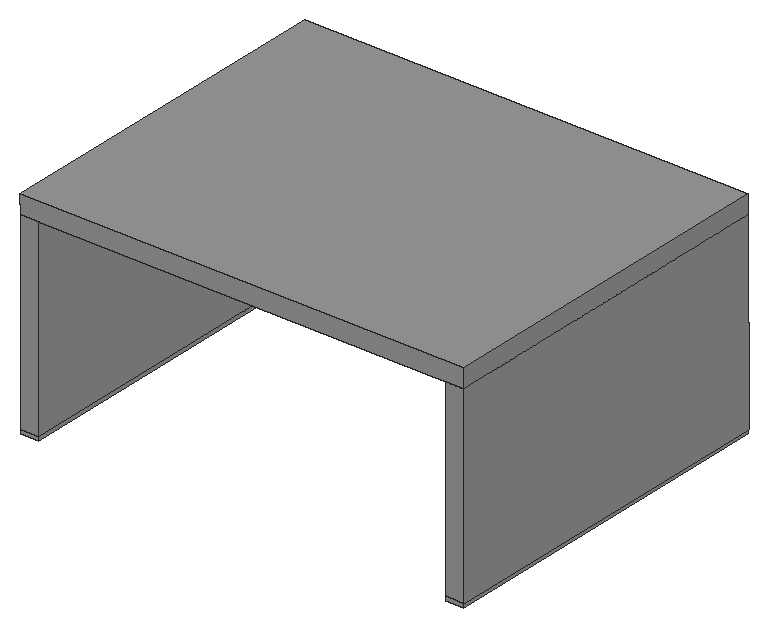
Revit family "Cocoon Community Table 48x60x29", category Generic Models, Revit 2018
Family settings
  Can host rebar = No
  Round Connector Dimension = Use Diameter
  Part Type = Normal
  Work Plane-Based = No
  Always vertical = Yes
  Cut with Voids When Loaded = No
  Shared = No
  Room Calculation Point = No
Parameters
  Frame = Cocoon Community Table 48x60x29 Frame
  Surface = Cocoon Community Table 48x60x29 Surface
Reference planes (in)
  plane 1 "Center (Front/Back)": y = 0
  plane 2: z = 0
  plane 3 "Center (Left/Right)": x = 0
Forms (in)
  Extrusion 1, solid, material "Cocoon Community Table 48x60x29 Frame" <- "Frame"
    sketch origin (0, 0, 0) x (1, 0, 0) y (0, 0, 1)
      loop
        line (-30, 0.5) -> (-30, 0) -> (-27.5, 0) -> (-27.5, 0.5) -> (-30, 0.5)
      loop
        line (30, 0.5) -> (27.5, 0.5) -> (27.5, 0) -> (30, 0) -> (30, 0.5)
    from -24 to 24
  Extrusion 2, solid, material "Cocoon Community Table 48x60x29 Surface" <- "Surface"
    sketch origin (0, 0, 0) x (1, 0, 0) y (0, 0, 1)
      loop
        line (-30, 29) -> (-30, 26.5) -> (30, 26.5) -> (30, 29) -> (-30, 29)
    from -24 to 24
  Extrusion 3, solid, material "Cocoon Community Table 48x60x29 Frame" <- "Frame"
    sketch origin (0, 0, 0) x (1, 0, 0) y (0, 0, 1)
      loop
        line (-30, 26.5) -> (-30, 0.5) -> (-27.5, 0.5) -> (-27.5, 26.5) -> (-30, 26.5)
      loop
        line (27.5, 26.5) -> (27.5, 0.5) -> (30, 0.5) -> (30, 26.5) -> (27.5, 26.5)
    from -24 to 24
Dimensions and locks (in)
  aligned and locked: level to plane 2
